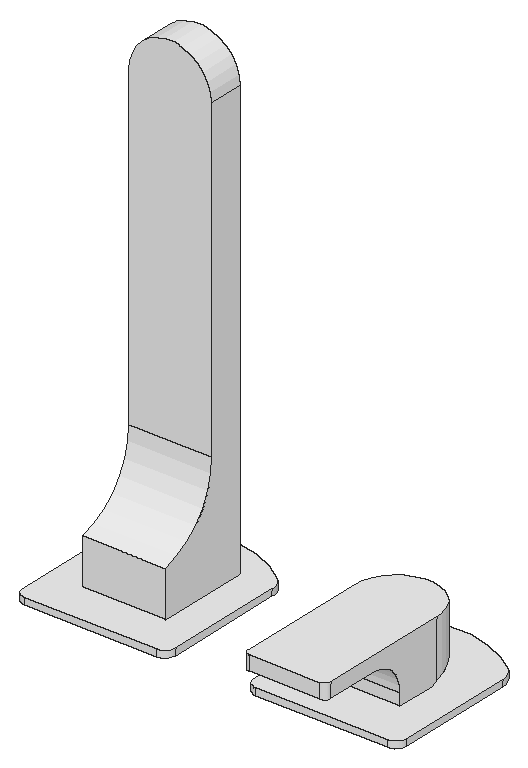
Revit family "Faucet_Bathroom-DXV-Equility-D3510940X_Series", category Plumbing Fixtures, host Face, Revit 2014
Parameters (values of type "D35109400.100")
  Width = 3"  # constant formula
  Waste Connection = no
  Warranty Documentation Link = "https://www.dxv.com/-/media/files/dxv/warranty/dxv_warranty_booklet.ashx"
  WFU = 2  # constant formula
  Vent Connection = no
  URL = "http://www.dxv.com/"
  Type Comments = ""
  Revised Date = "12/05/2018"  # constant formula
  Product Page URL = "http://www.dxv.com/Product/Lyndon-Wall-Mount-Faucet"
  Product Documentation Link = "https://dxv01.blob.core.windows.net/dxv-product-pdf-files/spec_D3510940_DXV_Lyndon_wallmt_faucet_EN.pdf"
  Price = "Prices may vary. Please consult Manufacturer Representative for most up-to-date price list."  # constant formula
  Model = "D35109400.100"
  Material = "Metal-DXV-100-Polished Chrome"
  Length = 8 63/64"  # constant formula
  Installation Type = "Wall Mounted"  # constant formula
  Hot Water Connection Diameter = Hot Water Connection Radius * 2  # 1/2"
  Height = 3 3/8"  # constant formula
  Finish = Metal-DXV-100-Polished Chrome
  Manufacturer = "DXV"  # constant formula
  Hot Water Connection Radius = 1/4"  # constant formula
  HWFU = 1.5  # constant formula
  HW Connection = yes
  Flow Rate = "1.5 GPM (5.7L/min)"
  Description = "Equility Wall Mount Faucet"  # constant formula
  Default Elevation = 40"
  Creation Date = "26/02/2014"  # constant formula
  Cold Water Connection Radius = 1/4"  # constant formula
  Cold Water Connection Diameter = Cold Water Connection Radius * 2  # 1/2"
  CWFU = 1.5  # constant formula
  CW Connection = yes
  Assembly Code = "D2010710"
  ADA Compliant = yes
Types (10): name | Product Page URL | Product Documentation Link | Model | Material | Finish | Flow Rate
  (no name) | "http://www.dxv.com/Product/Lyndon-Wall-Mount-Faucet" | "https://dxv01.blob.core.windows.net/dxv-product-pdf-files/spec_D3510940_DXV_Lyndon_wallmt_faucet_EN.pdf" | "D35109400.100" | "Metal-DXV-100-Polished Chrome" | Metal-DXV-100-Polished Chrome | "1.5 GPM (5.7L/min)"
  D35109400.100 | "http://www.dxv.com/Product/Lyndon-Wall-Mount-Faucet" | "https://dxv01.blob.core.windows.net/dxv-product-pdf-files/spec_D3510940_DXV_Lyndon_wallmt_faucet_EN.pdf" | "D35109400.100" | "Metal-DXV-100-Polished Chrome" | Metal-DXV-100-Polished Chrome | "1.5 GPM (5.7L/min)"
  D35109400.144 | "http://www.dxv.com/Product/Lyndon-Wall-Mount-Faucet" | "https://dxv01.blob.core.windows.net/dxv-product-pdf-files/spec_D3510940_DXV_Lyndon_wallmt_faucet_EN.pdf" | "D35109400.144" | "Metal-DXV-144-Brushed Nickel" | Metal-DXV-144-Brushed Nickel | "1.5 GPM (5.7L/min)"
  D35109400.243 | "http://www.dxv.com/Product/Lyndon-Wall-Mount-Faucet" | "https://dxv01.blob.core.windows.net/dxv-product-pdf-files/spec_D3510940_DXV_Lyndon_wallmt_faucet_EN.pdf" | "D35109400.243" | "Metal-DXV-243-Matte Black" | Metal-DXV-243-Matte Black | "1.5 GPM (5.7L/min)"
  D3510940C.100 | "https://www.dxv.com/product/equility-wall-mount-bathroom-faucet-by-dxv" | "https://dxv01.blob.core.windows.net/dxv-product-pdf-files/spec_D3510940_DXV_Equility_wallmt_faucet_EN.pdf" | "D3510940C.100" | "Metal-DXV-100-Polished Chrome" | Metal-DXV-100-Polished Chrome | "1.2 gpm (4.5 L/min)"
  D3510940C.144 | "https://www.dxv.com/product/equility-wall-mount-bathroom-faucet-by-dxv" | "https://dxv01.blob.core.windows.net/dxv-product-pdf-files/spec_D3510940_DXV_Equility_wallmt_faucet_EN.pdf" | "D3510940C.144" | "Metal-DXV-144-Brushed Nickel" | Metal-DXV-144-Brushed Nickel | "1.2 gpm (4.5 L/min)"
  D3510940C.243 | "https://www.dxv.com/product/equility-wall-mount-bathroom-faucet-by-dxv" | "https://dxv01.blob.core.windows.net/dxv-product-pdf-files/spec_D3510940_DXV_Equility_wallmt_faucet_EN.pdf" | "D3510940C.243" | "Metal-DXV-243-Matte Black" | Metal-DXV-243-Matte Black | "1.2 gpm (4.5 L/min)"
  D35109400RB.100 | "https://www.dxv.com/product/equility-wall-mount-bathroom-faucet-projects-model" | "https://dxv01.blob.core.windows.net/dxv-product-pdf-files/spec_D3510940-RB_DXV_Equility_wallmt_faucet_EN.pdf" | "D35109400RB.100" | "Metal-DXV-100-Polished Chrome" | Metal-DXV-100-Polished Chrome | "1.5 GPM (5.7L/min)"
  D35109400RB.144 | "https://www.dxv.com/product/equility-wall-mount-bathroom-faucet-projects-model" | "https://dxv01.blob.core.windows.net/dxv-product-pdf-files/spec_D3510940-RB_DXV_Equility_wallmt_faucet_EN.pdf" | "D35109400RB.144" | "Metal-DXV-144-Brushed Nickel" | Metal-DXV-144-Brushed Nickel | "1.5 GPM (5.7L/min)"
  D35109400RB.243 | "https://www.dxv.com/product/equility-wall-mount-bathroom-faucet-projects-model" | "https://dxv01.blob.core.windows.net/dxv-product-pdf-files/spec_D3510940-RB_DXV_Equility_wallmt_faucet_EN.pdf" | "D35109400RB.243" | "Metal-DXV-243-Matte Black" | Metal-DXV-243-Matte Black | "1.5 GPM (5.7L/min)"
Reference planes (in)
  plane 1 "Center (Front/Back)": y = 0
  plane 2: z = 0
  plane 3 "Center (Left/Right)": x = 0
  plane 4: x = 0.8125
  plane 5: x = -0.8125
  plane 6: z = 8.98437
  plane 7: y = -0.6875
  plane 8: y = -2.64301
  plane 9: y = 0.73199
  plane 10: x = 1.5
  plane 11: x = -1.5
  plane 12: y = -1.8125
  plane 13: y = -3.5017
  plane 14: x = 4.5
  plane 15: x = 4
  plane 16: x = 5
  plane 17: y = -40
Forms (in)
  Extrusion 1, solid
    sketch origin (-0.32786, -0.68775, 0) x (1, 0, 0) y (0, 1, 0)
      loop
        circle (4.32786, 0) r 0.25
      loop
        circle (5.32786, 0) r 0.25
    from 0 to 0.01563
  Extrusion 2, solid, material "Metal-DXV-100-Polished Chrome" <- "Finish"
    sketch origin (0, 0, 0) x (1, 0, 0) y (0, 0, 1)
      loop
        line (-0.8125, 0.01562) -> (0.8125, 0.01562) -> (0.8125, 8.72089)
        arc (0.8125, 8.72089) -> (0, 9.53339) -> (-0.8125, 8.72089) r 0.8125
        line (-0.8125, 8.72089) -> (-0.8125, 0.01562)
    from 0 to 1.8125
  Extrusion 3, void
    sketch origin (0, 0, 0) x (0, 1, 0) y (0, 0, 1)
      loop
        line (-0.6875, 10.66925) -> (-1.9375, 10.66925) -> (-1.9375, 1.01562) -> (-1.8125, 1.01562)
        arc (-1.8125, 1.01562) -> (-1.00107, 1.55935) -> (-0.6875, 2.48441) r 1.52131
        line (-0.6875, 2.48441) -> (-0.6875, 10.66925)
    from -0.8125 to 0.8125
  Extrusion 4, solid, material "Metal-DXV-100-Polished Chrome" <- "Finish"
    sketch origin (0, -0.61176, 0) x (1, 0, 0) y (0, 1, 0)
      loop
        arc (-1.5, -1.8226) -> (-1.43889, -1.97014) -> (-1.29135, -2.03125) r 0.20865
        line (-1.29135, -2.03125) -> (1.29135, -2.03125)
        arc (1.29135, -2.03125) -> (1.43889, -1.97014) -> (1.5, -1.8226) r 0.20865
        line (1.5, -1.8226) -> (1.5, 0.54611)
        arc (1.5, 0.54611) -> (1.46306, 0.71288) -> (1.35916, 0.84845) r 0.39493
        arc (1.35916, 0.84845) -> (0, 1.34375) -> (-1.35916, 0.84845) r 2.1125
        arc (-1.35916, 0.84845) -> (-1.46306, 0.71288) -> (-1.5, 0.54611) r 0.39493
        line (-1.5, 0.54611) -> (-1.5, -1.8226)
    from 0 to 0.125
  Extrusion 5, void
    sketch origin (4.5, 0.28042, -4.46264) x (0, 1, 0) y (0, 0, 1)
      loop
        line (-3.83139, 5.46264) -> (-3.83139, 4.56557) -> (-1.96289, 4.56557) -> (-1.96289, 4.81495)
        arc (-1.96289, 4.81495) -> (-2.1526, 5.27294) -> (-2.61058, 5.46264) r 0.64769
        line (-2.61058, 5.46264) -> (-3.83139, 5.46264)
      loop
        line (-0.1875, 4.95839) -> (-1.25257, 4.56557) -> (-0.1875, 4.56557) -> (-0.1875, 4.95839)
    from -0.8758 to 0.87352
  Revolve 6, solid, material "Metal-DXV-100-Polished Chrome" <- "Finish"
    sketch origin (4.5, 0.30045, -3.88553) x (0, 1, 0) y (0, 0, 1)
      loop
        line (-0.99878, 4.53477) -> (-0.99878, 3.88423) -> (-0.25541, 3.88423)
        arc (-0.25541, 3.88423) -> (-0.50487, 4.34917) -> (-0.99878, 4.53477) r 0.75
      axis (-0.99878, 3.88423) -> (-0.99878, 4.53477)
    angle from 0 to 360
  Extrusion 7, solid, material "Metal-DXV-100-Polished Chrome" <- "Finish"
    sketch origin (4.5, 0.28042, -4.46264) x (1, 0, 0) y (0, 1, 0)
      loop
        line (-0.68895, -3.78213) -> (0.68605, -3.78213)
        arc (0.68605, -3.78213) -> (0.77444, -3.74552) -> (0.81105, -3.65713) r 0.125
        line (0.81105, -3.65713) -> (0.81105, -1.05554)
        arc (0.81105, -1.05554) -> (-0.00145, -0.24304) -> (-0.81395, -1.05554) r 0.8125
        line (-0.81395, -1.05554) -> (-0.81395, -3.65713)
        arc (-0.81395, -3.65713) -> (-0.77734, -3.74552) -> (-0.68895, -3.78213) r 0.125
    from 4.58764 to 5.75
  Extrusion 8, solid, material "Metal-DXV-100-Polished Chrome" <- "Finish"
    sketch origin (4.53463, -0.61176, 0) x (1, 0, 0) y (0, 1, 0)
      loop
        arc (-1.5, -1.8226) -> (-1.43889, -1.97014) -> (-1.29135, -2.03125) r 0.20865
        line (-1.29135, -2.03125) -> (1.29135, -2.03125)
        arc (1.29135, -2.03125) -> (1.43889, -1.97014) -> (1.5, -1.8226) r 0.20865
        line (1.5, -1.8226) -> (1.5, 0.54611)
        arc (1.5, 0.54611) -> (1.46306, 0.71288) -> (1.35916, 0.84845) r 0.39493
        arc (1.35916, 0.84845) -> (0, 1.34375) -> (-1.35916, 0.84845) r 2.1125
        arc (-1.35916, 0.84845) -> (-1.46306, 0.71288) -> (-1.5, 0.54611) r 0.39493
        line (-1.5, 0.54611) -> (-1.5, -1.8226)
    from 0 to 0.125
  Extrusion 9, solid
    sketch origin (-4.32786, -0.6875, 0) x (1, 0, 0) y (0, 1, 0)
      loop
        circle (4.32786, 0) r 0.25
    from 0 to 0.01563
Cuts and joins
  Extrusion 3 cuts Extrusion 2
  Extrusion 5 cuts Extrusion 7
Lines and regions (in)
  Masking region 1
    outline origin (0, 0, 0) x (1, 0, 0) y (0, 0, 1)
      loop
        arc (0.8125, 8.72089) -> (0, 9.53339) -> (-0.8125, 8.72089) r 0.8125
        line (-0.8125, 8.72089) -> (-0.8125, 0.125) -> (-1.5, 0.125) -> (-1.5, 0) -> (1.5, 0) -> (1.5, 0.125) -> (0.8125, 0.125) -> (0.8125, 8.72089)
      loop
        line (5.31105, 1.28736) -> (3.68605, 1.28736) -> (3.68605, 0.125) -> (3.03463, 0.125) -> (3.03463, 0) -> (6.03463, 0) -> (6.03463, 0.125) -> (5.31105, 0.125) -> (5.31105, 1.28736)
  symbolic lines, style "PlumbingFixtures"
    curve 1: arc (0.8125, 0, 8.72089) -> (0, 0, 9.53339) -> (-0.8125, 0, 8.72089) r 0.8125
    curve 2: line (-0.8125, 0, 8.72089) -> (-0.8125, 0, 0.125)
    curve 3: line (1.5, 0, 0.125) -> (0.8125, 0, 0.125)
    curve 4: line (-1.5, 0, 0) -> (1.5, 0, 0)
    curve 6: line (5.31105, 0, 1.28736) -> (3.68605, 0, 1.28736)
    curve 7: line (3.68605, 0, 1.28736) -> (3.68605, 0, 0.125)
    curve 9: line (5.31105, 0, 0.125) -> (5.31105, 0, 1.28736)
    curve 10: line (6.03463, 0, 0.125) -> (5.31105, 0, 0.125)
    curve 11: line (3.03463, 0, 0) -> (6.03463, 0, 0)
    curve 12: line (3.03463, 0, 0) -> (3.03463, 0, 0.125)
    curve 13: line (6.03463, 0, 0) -> (6.03463, 0, 0.125)
    curve 14: line (1.5, 0, 0) -> (1.5, 0, 0.125)
    curve 15: line (-1.5, 0, 0) -> (-1.5, 0, 0.125)
    curve 16: line (-0.8125, 0, 0.125) -> (-1.5, 0, 0.125)
    curve 18: line (0.8125, 0, 0.125) -> (0.8125, 0, 8.72089)
    curve 19: line (3.68605, 0, 0.125) -> (3.03463, 0, 0.125)
  symbolic lines, style "PlumbingFixtures", detail levels fine
    curve 5: line (0.8125, 0, 1.01562) -> (-0.8125, 0, 1.01562)
    curve 8: line (5.31105, 0, 1) -> (3.68605, 0, 1)
  symbolic lines, style "PlumbingFixtures", detail levels medium+fine
    curve 17: line (0.8125, 0, 0.125) -> (-0.8125, 0, 0.125)
    curve 20: line (5.31105, 0, 0.125) -> (3.68605, 0, 0.125)
Dimensions and locks (in)
  "Height": plane 8 to plane 9
  plane 5 to plane 4 = 1 5/8"
  cut or joined group of Extrusion 2, Extrusion 3 to plane 1 "Center (Front/Back)" = 1 13/16"
  "Default Elevation": plane 17 to plane 1 "Center (Front/Back)"
  locked: plane 17 to plane 7 at 39.3125
  locked: plane 15 to plane 14 at 0.5
  locked: plane 14 to plane 16 at 0.5
  "Width": plane 11 to plane 10
  "Length": plane 6 to level
  plane 1 "Center (Front/Back)" to plane 7 = 11/16"
  aligned and locked: plane 2 to host face
  aligned and locked: level to host face
  aligned: plane 4 to Extrusion 1 sketch curve
  aligned: plane 7 to Extrusion 1 sketch curve  (x2)
  aligned and locked: plane 16 to Extrusion 1 sketch curve
  aligned and locked: plane 15 to Extrusion 1 sketch curve
  aligned: plane 1 "Center (Front/Back)" to Extrusion 1 sketch curve  (x2)
  aligned and locked: plane 7 to Extrusion 9 sketch curve
  aligned and locked: plane 3 "Center (Left/Right)" to Extrusion 9 sketch curve
Automatic sketch dimensions
  host sketch curve to host sketch curve = 96"  (x2)
  Extrusion 2 sketch curve to plane 5 = 0"
  Extrusion 2 sketch curve to plane 3 "Center (Left/Right)" = 0"
  level to Extrusion 2 sketch curve = 1/64"
  Extrusion 2 sketch curve to plane 6 = 0.26349"
  Extrusion 3 sketch curve to plane 12 = 0"
  Extrusion 3 sketch curve to plane 7 = 0"
  plane 12 to Extrusion 3 sketch curve = 1/8"
  plane 12 to Extrusion 3 sketch curve = 0.39631"
  level to Extrusion 3 sketch curve = 1 1/64"
  plane 6 to Extrusion 3 sketch curve = 1.68488"
  Extrusion 4 sketch curve to plane 11 = 0"
  plane 8 to Extrusion 4 sketch curve = 0"
  Extrusion 4 sketch curve to plane 3 "Center (Left/Right)" = 0"
  Extrusion 4 sketch curve to plane 10 = 0"
  plane 11 to Extrusion 4 sketch curve = 0.14084"
  Extrusion 4 sketch curve to Extrusion 4 sketch curve = 0"
  plane 11 to Extrusion 4 sketch curve = 0.20865"
  plane 1 "Center (Front/Back)" to Extrusion 4 sketch curve = 0.06564"  (x2)
  Extrusion 4 sketch curve to Extrusion 4 sketch curve = 0.39493"
  Extrusion 4 sketch curve to plane 4 = 0.29257"
  Extrusion 4 sketch curve to Extrusion 4 sketch curve = 0.20865"
  level to Extrusion 5 sketch curve = 0.10292"  (x2)
  plane 8 to Extrusion 5 sketch curve = 0.90796"
  plane 12 to Extrusion 5 sketch curve = 0.51766"
  plane 7 to Extrusion 5 sketch curve = 0.99497"
  plane 1 "Center (Front/Back)" to Extrusion 5 sketch curve = 0.97215"
  plane 9 to Extrusion 5 sketch curve = 0.63907"
  Extrusion 5 sketch curve to Extrusion 5 sketch curve = 0.24939"
  Extrusion 5 sketch curve to Extrusion 5 sketch curve = 0.39283"
  plane 1 "Center (Front/Back)" to Revolve 6 sketch curve = 0.69833"  (x2)
  plane 9 to Revolve 6 sketch curve = 0.68695"
  Revolve 6 sketch curve to level = 0.10076"
  Revolve 6 sketch curve to level = 0.0013"
  Revolve 6 sketch curve to Revolve 6 sketch curve = 0.06391"
  Revolve 6 sketch curve to Revolve 6 sketch curve = 0.15727"
  Extrusion 7 sketch curve to plane 13 = 0"
  plane 8 to Extrusion 7 sketch curve = 0.7337"  (x2)
  Extrusion 7 sketch curve to plane 15 = 0.31395"
  plane 14 to Extrusion 7 sketch curve = 0.00145"
  plane 1 "Center (Front/Back)" to Extrusion 7 sketch curve = 0.77512"
  plane 8 to Extrusion 8 sketch curve = 0"
  Extrusion 8 sketch curve to plane 8 = 0.20865"  (x2)
  Extrusion 8 sketch curve to plane 15 = 0.96537"
  Extrusion 8 sketch curve to plane 1 "Center (Front/Back)" = 0.23669"
  Extrusion 8 sketch curve to Extrusion 8 sketch curve = 0.14084"
  Extrusion 8 sketch curve to Extrusion 8 sketch curve = 0"
  plane 1 "Center (Front/Back)" to Extrusion 8 sketch curve = 0.06564"  (x2)
  Extrusion 8 sketch curve to plane 14 = 0.03463"
  Extrusion 8 sketch curve to plane 16 = 0.6397"
  Extrusion 8 sketch curve to plane 16 = 0.82598"
  plane 7 to Extrusion 1 sketch curve = 0.00025"  (x2)
  curve 4 to level = 0"
  curve 16 to plane 11 = 0"
  curve 2 to plane 5 = 0"
  curve 1 to plane 3 "Center (Left/Right)" = 0"
  plane 10 to curve 14 = 0"
  curve 11 to level = 0"
  curve 11 to plane 15 = 0.96537"
  level to curve 7 = 1/8"
  curve 7 to plane 15 = 0.31395"
  curve 9 to plane 16 = 0.31105"
  curve 9 to curve 13 = 0.72358"
  curve 7 to curve 8 = 7/8"
  curve 8 to curve 6 = 0.28736"
  curve 18 to plane 6 = 0.26349"
  curve 4 to curve 3 = 1/8"
  curve 3 to curve 5 = 57/64"
  Masking region 1 sketch curve to plane 3 "Center (Left/Right)" = 0"
  Masking region 1 sketch curve to plane 6 = 0.26349"
  level to Masking region 1 sketch curve = 1/8"  (x3)
  Masking region 1 sketch curve to level = 0"  (x2)
  Masking region 1 sketch curve to plane 11 = 0"
  plane 10 to Masking region 1 sketch curve = 0"
  Masking region 1 sketch curve to Masking region 1 sketch curve = 1/8"
  plane 4 to Masking region 1 sketch curve = 0"
  Masking region 1 sketch curve to plane 15 = 0.31395"
  Masking region 1 sketch curve to plane 16 = 0.31105"
  level to Masking region 1 sketch curve = 1.28736"
  Masking region 1 sketch curve to Masking region 1 sketch curve = 0.72358"
  Masking region 1 sketch curve to plane 15 = 0.96537"
  radius of Extrusion 1 sketch curve = 1/4"  (x2)
  radius of Extrusion 9 sketch curve = 1/4"
Connectors (in)
  piping at (4, -0.68775, 0), diameter 0.5, driven by "Hot Water Connection Radius", driven by "HWFU"
    settings: on Extrusion 1, index 2, connector inside diameter 1/2", connector length 0", flow factor 0, pipe flow 0 GPM, pressure drop 0.00 psi, fitting loss kfactor 0, connector angle 0.00°, fixture units 1.5, engagement length 0", angle of deflection 0.00°, flow configuration 3, flow direction 1, fitting loss method 0, system type 19, joint type 0, gender type 0, connector reference index -1, connector utility 0, adjustable connector no, is connector primary yes, connector description "1/2\" HW Supply"
  piping at (5, -0.68775, 0), diameter 0.5, driven by "Cold Water Connection Radius", driven by "CWFU"
    settings: on Extrusion 1, index 3, connector inside diameter 1/2", connector length 0", flow factor 0, pipe flow 0 GPM, pressure drop 0.00 psi, fitting loss kfactor 0, connector angle 0.00°, fixture units 1.5, engagement length 0", angle of deflection 0.00°, flow configuration 3, flow direction 1, fitting loss method 0, system type 20, joint type 0, gender type 0, connector reference index -1, connector utility 0, adjustable connector no, is connector primary no, connector description "1/2\" CW Supply"
